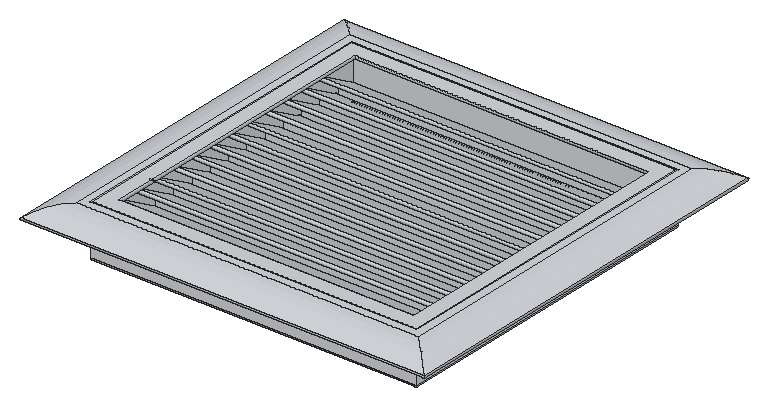
Revit family "GEK2", category Air Terminals, Revit 2012
Parameters (values of type "GEK2-06-06")
  separación = 7/16"
  Width = A Largo + 23" / 16  # 7 7/16"
  URL = "http://www.innes.com.mx"
  N° de rejillas = (B / (separación)) - 1  # 13
  Mínima velocidad de cuello = 0 FPM
  Mínima presión estática = 0.00 in-wg
  Máximo nivel de ruido (NC) = ""
  Máxima velocidad de cuello = 0 FPM
  Máxima presión estática = 0.00 in-wg
  Material = ""
  Manufacturer = "INNES"
  Height = B + 23" / 16  # 7 7/16"
  Cuello = ""
  B = 6"
  A Largo = 6"
Types (5): name | Width | N° de rejillas | Height | B | A Largo
  (no name) | 7 7/16" | 13 | 7 7/16" | 6" | 6"
  GEK2-06-06 | 7 7/16" | 13 | 7 7/16" | 6" | 6"
  GEK2-12-12 | 13 7/16" | 26 | 13 7/16" | 12" | 12"
  GEK2-24-24 | 25 7/16" | 54 | 25 7/16" | 24" | 24"
  GEK2-48-36 | 49 7/16" | 81 | 37 7/16" | 36" | 48"
Reference planes (in)
  plane 1 "Center (Front/Back)": y = 0
  plane 2: z = 0
  plane 3 "Center (Left/Right)": x = 0
  plane 4: x = -3
  plane 5: x = 3
  plane 6: y = 3
  plane 7: y = -3
  plane 8: z = -0.390625
  plane 9: y = 2.6270226
Forms (in)
  Sweep 1, solid
    path origin (0, 0, 0) x (1, 0, 0) y (0, 1, 0)
      loop
        line (-3, 3) -> (-3, -3) -> (3, -3) -> (3, 3) -> (-3, 3)
    profile origin (0, 3, 0) x (0, 1, 0) y (0, 0, 1)
      loop
        line (0, 0) -> (0, -0.6437485)
        arc (0, -0.6437485) -> (0.0419008, -0.6611044) -> (0.0592566, -0.7030051) r 0.0592566
        line (0.0592566, -0.7030051) -> (0.0592566, -0.9053367)
        arc (0.0592566, -0.9053367) -> (0.0905066, -0.9365867) -> (0.1217566, -0.9053367) r 0.03125
        line (0.1217566, -0.9053367) -> (0.1217566, -0.6215848)
        arc (0.1217566, -0.6215848) -> (0.0945396, -0.5946552) -> (0.0592566, -0.5797863) r 0.1010372
        line (0.0592566, -0.5797863) -> (0.0592566, -0.1875) -> (0.2655769, -0.1875) -> (0.2655769, -0.1514813) -> (0.1985411, -0.1514813) -> (0.1985411, -0.1095839) -> (0.5780119, -0.1095839) -> (0.5780119, -0.1514813) -> (0.5289321, -0.1514813) -> (0.5289321, -0.1875) -> (0.6618068, -0.1875) -> (0.6618068, -0.1514813) -> (0.7384192, -0.1514813) -> (0.7384192, -0.1875) -> (0.8630214, -0.1875)
        arc (0.8630214, -0.1875) -> (0.8754486, -0.1661014) -> (0.8652631, -0.1435495) r 0.027044
        arc (0.8652631, -0.1435495) -> (0.5874338, 0.0095087) -> (0.2746913, 0.0625) r 0.9493625
        line (0.2746913, 0.0625) -> (0.1338144, 0.0625) -> (0.1147036, 0.0280232) -> (0.0988292, 0.0625) -> (-0.1702177, 0.0625)
        arc (-0.1702177, 0.0625) -> (-0.1883148, 0.0319749) -> (-0.1729236, 0) r 0.0375684
        line (-0.1729236, 0) -> (0, 0)
Dimensions and locks (in)
  equal spacing: plane 4, plane 3 "Center (Left/Right)", plane 5
  equal spacing: plane 6, plane 1 "Center (Front/Back)", plane 7
  "A Largo": plane 4 to plane 5
  "B": plane 6 to plane 7
  locked: level to plane 8 at 0.390625
  locked: plane 6 to plane 9 at 0.3729774
  equal spacing: group 1, group 2, group 3, group 4, group 5, group 6, group 7, group 8, group 9, group 10, group 11, group 12, group 13  (x2)
  equal spacing: group 13, group 12, group 11, group 10, group 9, group 8, group 7, group 6, group 5, group 4, group 3, group 2, group 1
  "separación": nested 1 to nested 2
  aligned and locked: plane 2 to level
  aligned and locked: Sweep 1 sketch curve to plane 6
  aligned and locked: plane 4 to Sweep 1 sketch curve
  aligned and locked: plane 7 to Sweep 1 sketch curve
  aligned and locked: Sweep 1 sketch curve to plane 5
  aligned and locked: nested 1 to plane 3 "Center (Left/Right)"
  aligned and locked: plane 8 to nested 1
  aligned and locked: plane 9 to nested 1
  aligned and locked: plane 8 to nested 2
  aligned and locked: nested 2 to plane 5
Automatic sketch dimensions
  Sweep 1 sketch curve to level = 0"
  Sweep 1 sketch curve to profile plane = 0"
  Sweep 1 sketch curve to profile plane = 0.03837"
  Sweep 1 sketch curve to Sweep 1 sketch curve = 0.02088"
  Sweep 1 sketch curve to profile plane = 0.05926"
  Sweep 1 sketch curve to Sweep 1 sketch curve = 1/32"
  Sweep 1 sketch curve to profile plane = 0.09883"
  level to Sweep 1 sketch curve = 0.02802"
  Sweep 1 sketch curve to Sweep 1 sketch curve = 0.01587"
  level to Sweep 1 sketch curve = 1/16"
  Sweep 1 sketch curve to Sweep 1 sketch curve = 0.03499"
  Sweep 1 sketch curve to Sweep 1 sketch curve = 0.13928"
  Sweep 1 sketch curve to Sweep 1 sketch curve = 0.06704"
  Sweep 1 sketch curve to Sweep 1 sketch curve = 0.15293"
  Sweep 1 sketch curve to Sweep 1 sketch curve = 0.04908"
  Sweep 1 sketch curve to Sweep 1 sketch curve = 0.08379"
  Sweep 1 sketch curve to Sweep 1 sketch curve = 0.07661"
  Sweep 1 sketch curve to Sweep 1 sketch curve = 0.11002"
  Sweep 1 sketch curve to Sweep 1 sketch curve = 0.01458"
  Sweep 1 sketch curve to Sweep 1 sketch curve = 0.01682"
  Sweep 1 sketch curve to Sweep 1 sketch curve = 0"
  Sweep 1 sketch curve to level = 0.10958"
  Sweep 1 sketch curve to level = 0.14355"
  Sweep 1 sketch curve to Sweep 1 sketch curve = 0.0419"  (x3)
  Sweep 1 sketch curve to Sweep 1 sketch curve = 0.02117"
  Sweep 1 sketch curve to Sweep 1 sketch curve = 0.03602"  (x2)
  Sweep 1 sketch curve to Sweep 1 sketch curve = 0.30708"
  Sweep 1 sketch curve to Sweep 1 sketch curve = 0.0418"
  Sweep 1 sketch curve to Sweep 1 sketch curve = 0.03489"
  Sweep 1 sketch curve to Sweep 1 sketch curve = 0.01847"
  level to Sweep 1 sketch curve = 0.03035"
  profile plane to Sweep 1 sketch curve = 0.15078"
  Sweep 1 sketch curve to Sweep 1 sketch curve = 0.01944"
  Sweep 1 sketch curve to Sweep 1 sketch curve = 0.02214"
Nested families (in)
  nested 1: "Rejilla k" at (3, 2.533064, -0.390625) x (-1, 0, 0) z (0, 0, 1), type "Rejilla k"
    with Largo rejilla K 6"
  nested 2: "Rejilla k" at (3, 2.095564, -0.390625) x (-1, 0, 0) z (0, 0, 1), type "Rejilla k"
    with Largo rejilla K 6"
  nested 3: "Rejilla k" at (3, 1.658064, -0.390625) x (-1, 0, 0) z (0, 0, 1), type "Rejilla k"
    with Largo rejilla K 6"
  nested 4: "Rejilla k" at (3, 1.220564, -0.390625) x (-1, 0, 0) z (0, 0, 1), type "Rejilla k"
    with Largo rejilla K 6"
  nested 5: "Rejilla k" at (3, 0.783064, -0.390625) x (-1, 0, 0) z (0, 0, 1), type "Rejilla k"
    with Largo rejilla K 6"
  nested 6: "Rejilla k" at (3, 0.345564, -0.390625) x (-1, 0, 0) z (0, 0, 1), type "Rejilla k"
    with Largo rejilla K 6"
  nested 7: "Rejilla k" at (3, -0.091936, -0.390625) x (-1, 0, 0) z (0, 0, 1), type "Rejilla k"
    with Largo rejilla K 6"
  nested 8: "Rejilla k" at (3, -0.529436, -0.390625) x (-1, 0, 0) z (0, 0, 1), type "Rejilla k"
    with Largo rejilla K 6"
  nested 9: "Rejilla k" at (3, -0.966936, -0.390625) x (-1, 0, 0) z (0, 0, 1), type "Rejilla k"
    with Largo rejilla K 6"
  nested 10: "Rejilla k" at (3, -1.404436, -0.390625) x (-1, 0, 0) z (0, 0, 1), type "Rejilla k"
    with Largo rejilla K 6"
  nested 11: "Rejilla k" at (3, -1.841936, -0.390625) x (-1, 0, 0) z (0, 0, 1), type "Rejilla k"
    with Largo rejilla K 6"
  nested 12: "Rejilla k" at (3, -2.279436, -0.390625) x (-1, 0, 0) z (0, 0, 1), type "Rejilla k"
    with Largo rejilla K 6"
  nested 13: "Rejilla k" at (3, -2.716936, -0.390625) x (-1, 0, 0) z (0, 0, 1), type "Rejilla k"
    with Largo rejilla K 6"
Connectors (in)
  hvac at (0, 0, -0.1875), driven by "Height", driven by "Width"
    settings: on Sweep 1, index 1, duct flow 0 CFM, flow factor 0, pres drop 0.00 in-wg, loss coef 0, conn angle 0.00°, conn width 7 7/16", conn height 7 7/16", conn radius 12", duct sys type 1, conn prof type 1, flow config 0, flow direction 0, loss method 0, conn ref index -1, conn util no, is conn primary yes, conn desc ""
Definition of nested family "Rejilla k"
  Parameters (values of type "Rejilla k")
    Largo rejilla K = 40"
    Eje mitad rejilla = 15"
  Reference planes (in)
    plane 1 "Center (Front/Back)": y = 0
    plane 2: z = 0
    plane 3 "Center (Left/Right)": x = 0
    plane 4: x = 40
    plane 5: z = -0.390625
    plane 6: y = -0.46875
    plane 7: y = 0.46875
    plane 8: z = 0.390625
    plane 9: x = 20
    plane 10: z = 0
  Forms (in)
    Extrusion 1, solid
      sketch origin (0, 0.4636671, 0.382883) x (0, 0, 1) y (0, -1, 0)
        loop
          arc (-0.5049133, 0.9129582) -> (-0.5476016, 0.9243965) -> (-0.5590399, 0.8817082) r 0.03125
          line (-0.5590399, 0.8817082) -> (-0.4080152, 0.6201258) -> (-0.7682049, 0.6201258) -> (-0.7682049, 0.5576258) -> (-0.3719308, 0.5576258) -> (-0.0590399, 0.0156828)
          arc (-0.0590399, 0.0156828) -> (-0.0163516, 0.0042445) -> (-0.0049133, 0.0469328) r 0.03125
          line (-0.0049133, 0.0469328) -> (-0.5049133, 0.9129582)
      from 0 to 40
  Dimensions and locks (in)
    Extrusion 1 sketch curve to Extrusion 1 sketch curve = 1/16"  (x2)
    Extrusion 1 sketch curve to Extrusion 1 sketch curve = 0.30205"
    "Largo rejilla K": plane 4 to plane 3 "Center (Left/Right)"
    locked: plane 1 "Center (Front/Back)" to plane 6 at 0.46875
    locked: level to plane 5 at 0.390625
    equal spacing: plane 7, plane 1 "Center (Front/Back)", plane 6
    equal spacing: plane 8, level, plane 5
    equal spacing: plane 3 "Center (Left/Right)", plane 9, plane 4
    "Largo rejilla K": plane 3 "Center (Left/Right)" to plane 4
    aligned and locked: plane 2 to level
    aligned and locked: Extrusion 1 to plane 4
  Automatic sketch dimensions
    Extrusion 1 sketch curve to level = 0.38532"
    Extrusion 1 sketch curve to level = 0.17616"
    Extrusion 1 sketch curve to Extrusion 1 sketch curve = 0.02706"  (x4)
    Extrusion 1 sketch curve to Extrusion 1 sketch curve = 0.15102"
    Extrusion 1 sketch curve to Extrusion 1 sketch curve = 0.03608"
    Extrusion 1 sketch curve to plane 1 "Center (Front/Back)" = 0.44798"
    Extrusion 1 sketch curve to Extrusion 1 sketch curve = 0.31289"
    plane 1 "Center (Front/Back)" to Extrusion 1 sketch curve = 0.09396"
